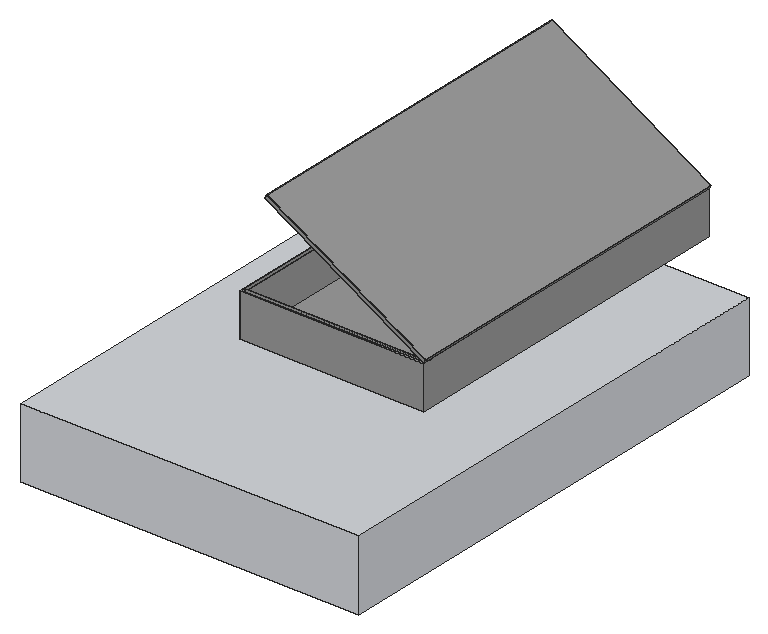
Revit family "Hager-Univers-IP44-D205-H1550-Cl.I-Encl-CH-fr", category Equipement électrique, Revit 2020
Family settings
  Hôte = Face
  Configuration du panneau = Deux colonnes, circuits au sein
  Cote de connecteur circulaire = Utiliser le diamètre
  Type d'élément = Tableau de raccordement
  Couper avec des vides une fois chargée = Non
  Partagée = Non
  Point de calcul de pièce = Non
Parameters (values of type "saillie IP44 L800 H1550 P205  - FP03TN2")
  Width Control [instance] = if([EF000008 - largeur] > Min Width, [EF000008 - largeur], Min Width)  # 800 mm
  Commentaires du type = [HG000003 - Gamme]  # "Univers"
  Thickness Door [instance] = if([EF009171 - épaisseur de matériau de la porte/du couvercle] > 3 mm, 3 mm, [EF009171 - épaisseur de matériau de la porte/du couvercle])  # 1 mm
  Seal Frame Offset [instance] = 17 mm  # constant formula
  Plinth Visibility [instance] = [HG000027 - Hauteur du socle] > 0 mm  # no
  Model = ""
  Min Width [instance] = 100 mm  # constant formula
  Min Height [instance] = 100 mm  # constant formula
  Min Depth [instance] = (2 * [EF009170 - épaisseur de matériau du boîtier]) + 1 mm  # 3 mm
  Internal Frame Depth [instance] = (Door System Depth * 0.5)  # 9 mm
  Height Control [instance] = if([EF000040 - hauteur] > Min Height, [EF000040 - hauteur], Min Height)  # 1550 mm
  HG000027 - Hauteur du socle = 0 mm
  HG000026 - Installation au sol = no
  HG000024 - Hauteur de la section basse = 800 mm
  HG000023 - Armoire double section = no
  HG000016 - Visibilité de la porte 3D [instance] = yes
  HG000015 - Visibilité de l'emprise de la porte [instance] = no
  HG000014 - Porte à droite [instance] = yes
  HG000013 - Porte à gauche [instance] = not([HG000014 - Porte à droite])  # no
  HG000012 - Angle de pivotement de la porte [instance] = 30.00°
  HG000010 - Portes asymétriques = no
  HG000009 - Porte à double battant = no
  HG000006 - Encastré = no
  HG000004 - Référence fabricant = "FP03TN2"
  HG000003 - Gamme = "Univers"
  HG000002 - avec porte = yes
  Frame Offset Bottom [instance] = 10 mm  # constant formula
  Frame Offset [instance] = 15 mm  # constant formula
  EF015940 - couvercle avec décharge de pression = no
  EF011959 - degré de protection (NEMA) = ""
  EF009554 - nombre d'ouvertures pour plaques à bride = 6
  Fabricant = "Hager"  # constant formula
  EF009212 - finition du couvercle = "EV000116 - fermé"
  EF009171 - épaisseur de matériau de la porte/du couvercle = 1 mm
  EF009170 - épaisseur de matériau du boîtier = 1 mm
  EF008873 - courant nominal (In) = 250 A
  EF007800 - adapté à un parafoudre = no
  EF006306 - avec serrure = no
  EF006244 - couvercle/porte transparent(e) = no
  EF005474 - indice de protection (IP) = "EV006418 - IP44"
  EF004464 - type de porte = "EV002646 - unique"
  EF004427 - nombre de modules = 360
  EF004293 - indice de protection contre les chocs (IK) = "EV006815 - IK09"
  EF003532 - convient pour utilisation à l’extérieur = no
  EF002950 - largeur en nombre de modules = 36
  EF001613 - maintien de fonction = "EV000494 - sans"
  EF001596 - matériau du boîtier/corps = "EV000179 - acier"
  EF001131 - profondeur intérieure = 205 mm
  EF001088 - possibilité de montage en saillie = yes
  EF000437 - nombre d'entrées de conduit = 6
  EF000339 - type de capot = "EV001012 - couvercle"
  EF000266 - nombre de rangées = 10
  EF000218 - profondeur d'encastrement = 205 mm
  EF000118 - avec cadre/support de montage = no
  EF000116 - numéro RAL = "9010"
  EF000049 - profondeur = 205 mm
  EF000040 - hauteur = 1550 mm
  EF000008 - largeur = 800 mm
  EF000007 - couleur = "EV000202 - blanc"
  EF000003 - mode de pose = "EV000384 - saillie"
  Door System Leaf Tolerance [instance] = 1.5 mm  # constant formula
  Door System Depth [instance] = 18 mm  # constant formula
  Door Height [instance] = Height Control - [HG000027 - Hauteur du socle]  # 1550 mm
  Depth Control [instance] = if([EF000049 - profondeur] > Min Depth, [EF000049 - profondeur], Min Depth)  # 205 mm
  Default Elevation = 0 mm
  Connector Offset [instance] = Height Control / 2  # 775 mm
  Bottom Top Plate Trim [instance] = 1.5 mm  # constant formula
  Plinth height Ctrl [instance] = if([HG000027 - Hauteur du socle] > 0 mm, [HG000027 - Hauteur du socle], 12 mm)  # 12 mm
Types (5, lengths in mm): name | Width Control | HG000010 - Portes asymétriques | HG000009 - Porte à double battant | HG000004 - Référence fabricant | EF009554 - nombre d'ouvertures pour plaques à bride | EF008873 - courant nominal (In) | EF004464 - type de porte | EF004427 - nombre de modules | EF002950 - largeur en nombre de modules | EF000437 - nombre d'entrées de conduit | EF000008 - largeur
  saillie IP44 L1050 H1550 P205  - FP04TN2 | 1050 | no | yes | "FP04TN2" | 8 | 400 A | "EV003602 - double" | 480 | 48 | 8 | 1050
  saillie IP44 L1300 H1550 P205  - FP05TN2 | 1300 | yes | yes | "FP05TN2" | 10 | 400 A | "EV003602 - double" | 600 | 60 | 10 | 1300
  saillie IP44 L300 H1550 P205  - FP01TN2 | 300 | no | no | "FP01TN2" | 2 | 250 A | "EV002646 - unique" | 120 | 12 | 2 | 300
  saillie IP44 L550 H1550 P205  - FP02TN2 | 550 | no | no | "FP02TN2" | 4 | 250 A | "EV002646 - unique" | 240 | 24 | 4 | 550
  saillie IP44 L800 H1550 P205  - FP03TN2 | 800 | no | no | "FP03TN2" | 6 | 250 A | "EV002646 - unique" | 360 | 36 | 6 | 800
Reference planes
  plane 1 "Center (Front/Back)": y = 0
  plane 2: z = 0
  plane 3 "Center (Left/Right)": x = 0
  plane 4: z = 205
  plane 5: y = 1
  plane 6: y = 775
  plane 7: y = 0
  plane 8: y = 1550
  plane 9: z = 0
  plane 10: x = -385
  plane 11: x = 385
  plane 12: x = 384
  plane 13: x = -384
  plane 14: y = 1549
  plane 15: x = -383
  plane 16: x = -400
  plane 17: x = 383
  plane 18: x = 400
  plane 19: x = 399
  plane 20: x = -399
  plane 21: y = 11
  plane 22: y = 1550
  plane 23: y = 1534
  plane 24: z = 187
  plane 25: z = 1
  plane 26: z = 186
  plane 27: z = 204
Forms (mm)
  Extrusion 1, solid
    sketch origin (0, 0, 0) x (1, 0, 0) y (0, 1, 0)
      loop
        line (-702.964, 1305) -> (-702.964, -811.445) -> (766.763, -811.445) -> (766.763, 1305) -> (-702.964, 1305)
    from 0 to -304.8
  Extrusion 2, solid, material "Hager_Steel_RAL7035_Light_Grey", visible <- "Plinth Visibility", detail levels medium+fine
    sketch origin (0, 0, 0) x (1, 0, 0) y (0, 1, 0)
      loop
        line (-400, 0) -> (400, 0) -> (400, 12) -> (-400, 12) -> (-400, 0)
    from 0 to 187
  Extrusion 3, solid, material "Hager_Steel_RAL7035_Light_Grey", detail levels medium+fine
    sketch origin (0, 0, 0) x (1, 0, 0) y (0, 1, 0)
      loop
        line (-400, 0) -> (400, 0) -> (400, 1550) -> (-400, 1550) -> (-400, 0)
    from 0 to 187
  Extrusion 4, void
    sketch origin (0, 0, 0) x (1, 0, 0) y (0, 1, 0)
      loop
        line (-399, 1) -> (399, 1) -> (399, 1549) -> (-399, 1549) -> (-399, 1)
    from 1 to 186
  Extrusion 5, void
    sketch origin (-381.607, -4572, 187) x (0, -1, 0) y (-1, 0, 0)
      loop
        line (-4583, 2.393) -> (-6106, 2.393) -> (-6106, -765.607) -> (-4583, -765.607) -> (-4583, 2.393)
    from 0 to 1 <- "EF009170 - épaisseur de matériau du boîtier"
  Extrusion 6, solid, material "Hager_Steel_RAL7035_Light_Grey", detail levels fine
    sketch origin (0, 0, 187) x (1, 0, 0) y (0, 1, 0)
      loop
        line (-384, 1534) -> (-384, 11) -> (384, 11) -> (384, 1534) -> (-384, 1534)
      loop
        line (-385, 10) -> (385, 10) -> (385, 1535) -> (-385, 1535) -> (-385, 10)
    from 0 to 9 <- "Internal Frame Depth"
  Extrusion 7, solid, material "Hager_Steel_RAL7035_Light_Grey", detail levels coarse
    sketch origin (0, 0, 0) x (1, 0, 0) y (0, 1, 0)
      loop
        line (-400, 0) -> (400, 0) -> (400, 1550) -> (-400, 1550) -> (-400, 0)
    from 0 to 205
  Sweep 8, void
    path in 3D
      loop
        line (-400, 12, 0) -> (400, 12, 0) -> (400, 12, 187) -> (-400, 12, 187) -> (-400, 12, 0)
    profile origin (-400, 12, 93.5) x (-1, 0, 0) y (0, -1, 0)
      loop
        line (0, 0) -> (0, 1.5) -> (-1.5, 1.5)
        arc (-1.5, 1.5) -> (-1.061, 0.439) -> (0, 0) r 1.5
Cuts and joins
  Extrusion 4, Extrusion 5 cuts Extrusion 3
  Sweep 8 cuts Extrusion 2
Lines and regions (mm)
  Masking region 1
    outline origin (0, 0, 0) x (1, 0, 0) y (0, 0, 1)
      loop
        line (-400, 205) -> (-400, 0) -> (400, 0) -> (400, 205) -> (-400, 205)
  Masking region 2, detail levels medium+fine
    outline origin (0, 140, 0) x (0, 1, 0) y (0, 0, 1)
      loop
        line (-140, 0) -> (1410, 0) -> (1410, 187) -> (-140, 187) -> (-140, 0)
  Masking region 3, not visible, detail levels medium+fine
    outline origin (0, 297.922, 0) x (0, 1, 0) y (0, 0, 1)
      loop
        line (488.578, 0) -> (528.578, 0) -> (528.578, 194)
        arc (528.578, 194) -> (525.649, 201.071) -> (518.578, 204) r 10
        line (518.578, 204) -> (488.578, 204) -> (488.578, 0)
  Masking region 4, detail levels coarse
    outline origin (0, 0, 180) x (0, 1, 0) y (0, 0, 1)
      loop
        line (0, -180) -> (1550, -180) -> (1550, 25) -> (0, 25) -> (0, -180)
  Masking region 5, visible <- "Plinth Visibility", detail levels medium+fine
    outline origin (0, 52.24, 12.345) x (0, 0, -1) y (0, 1, 0)
      loop
        line (10.845, -40.24) -> (-173.155, -40.24)
        arc (-173.155, -40.24) -> (-173.594, -41.301) -> (-174.655, -41.74) r 1.5
        line (-174.655, -41.74) -> (-174.655, -52.24) -> (12.345, -52.24) -> (12.345, -41.74)
        arc (12.345, -41.74) -> (11.285, -41.301) -> (10.845, -40.24) r 1.5
  Masking region 6, detail levels medium+fine
    outline origin (-381.607, -4572, 187) x (-1, 0, 0) y (0, -1, 0)
      loop
        line (18.393, -6122) -> (18.393, -4572) -> (-781.607, -4572) -> (-781.607, -6122) -> (18.393, -6122)
  Masking region 7, visible <- "Plinth Visibility", detail levels medium+fine
    outline origin (-381.607, -4727, 187) x (-1, 0, 0) y (0, -1, 0)
      loop
        arc (16.893, -4739) -> (17.332, -4737.939) -> (18.393, -4737.5) r 1.5
        line (18.393, -4737.5) -> (18.393, -4727) -> (-781.607, -4727) -> (-781.607, -4737.5)
        arc (-781.607, -4737.5) -> (-780.546, -4737.939) -> (-780.107, -4739) r 1.5
        line (-780.107, -4739) -> (16.893, -4739)
  Masking region 8, detail levels coarse
    outline origin (-442.548, -4669.526, 187) x (-1, 0, 0) y (0, -1, 0)
      loop
        line (-42.548, -6219.526) -> (-42.548, -4669.526) -> (-842.548, -4669.526) -> (-842.548, -6219.526) -> (-42.548, -6219.526)
  sketch lines
    curve 1: line (-400, 12, 187) -> (-400, 12, 0)
    curve 2: line (400, 12, 187) -> (-400, 12, 187)
    curve 3: line (400, 12, 187) -> (400, 12, 0)
    curve 4: line (-400, 12, 0) -> (400, 12, 0)
Dimensions and locks
  "Depth Control": plane 4 to Extrusion 1
  "HG000027 - Hauteur du socle": plane 1 "Center (Front/Back)" to plane 7
  "EF009170 - épaisseur de matériau du boîtier": plane 5 to plane 7
  locked: connector elem to plane 3 "Center (Left/Right)"
  equal spacing: plane 8, plane 6, plane 7
  locked: connector elem to plane 6
  "EF009170 - épaisseur de matériau du boîtier": plane 8 to plane 14
  "EF009170 - épaisseur de matériau du boîtier": plane 10 to plane 13
  "EF009170 - épaisseur de matériau du boîtier": plane 12 to plane 11
  "Frame Offset": plane 20 to plane 13
  "Frame Offset": plane 12 to plane 19
  "EF009170 - épaisseur de matériau du boîtier": plane 16 to plane 20
  "EF009170 - épaisseur de matériau du boîtier": plane 19 to plane 18
  "Seal Frame Offset": plane 16 to plane 15
  "Seal Frame Offset": plane 17 to plane 18
  "Frame Offset Bottom": plane 21 to plane 5
  "Frame Offset": plane 14 to plane 23
  equal spacing: plane 16, plane 3 "Center (Left/Right)", plane 18
  "Width Control": plane 16 to plane 18
  "EF009170 - épaisseur de matériau du boîtier": plane 4 to plane 27
  "EF009170 - épaisseur de matériau du boîtier": plane 24 to plane 26
  "EF009170 - épaisseur de matériau du boîtier": plane 25 to level
  "Door System Depth": plane 4 to plane 24
  "Height Control": plane 1 "Center (Front/Back)" to Extrusion 7 sketch curve
  "Height Control": Masking region 4 sketch curve to plane 1 "Center (Front/Back)"
  "Height Control": plane 1 "Center (Front/Back)" to plane 22
  "Bottom Top Plate Trim": profile plane to Sweep 8 sketch curve
  "Bottom Top Plate Trim": Sweep 8 sketch curve to profile plane
  "Plinth height Ctrl": plane 1 "Center (Front/Back)" to Extrusion 2 sketch curve
  "Plinth height Ctrl": Masking region 5 sketch curve to plane 1 "Center (Front/Back)"
  "Plinth height Ctrl": plane 1 "Center (Front/Back)" to Masking region 7 sketch curve
  "Thickness Door": Extrusion 6 sketch curve to Extrusion 6 sketch curve  (x3)
  "Thickness Door": cut or joined group of Extrusion 3, Extrusion 4, Extrusion 5 to Extrusion 6 sketch curve
  radius of Masking region 3 sketch curve = 10 mm
  "Bottom Top Plate Trim": radius of Masking region 5 sketch curve  (x2)
  "Bottom Top Plate Trim": radius of Sweep 8 sketch curve
  "Bottom Top Plate Trim": radius of Masking region 7 sketch curve  (x2)
  aligned and locked: plane 2 to Extrusion 1
  aligned and locked: level to Extrusion 1
  aligned and locked: level to Masking region 1 sketch curve
  aligned and locked: Masking region 1 sketch curve to plane 18
  aligned and locked: Masking region 1 sketch curve to plane 16
  aligned and locked: plane 7 to Masking region 2 sketch curve
  aligned and locked: level to Masking region 3 sketch curve
  aligned and locked: Masking region 3 sketch curve to plane 27
  aligned and locked: level to Masking region 2 sketch curve
  aligned and locked: plane 1 "Center (Front/Back)" to Extrusion 2 sketch curve
  aligned and locked: Extrusion 3 sketch curve to plane 7
  aligned and locked: plane 16 to Extrusion 3 sketch curve
  aligned and locked: plane 18 to Extrusion 3 sketch curve
  aligned and locked: plane 20 to Extrusion 4 sketch curve
  aligned and locked: plane 19 to Extrusion 4 sketch curve
  aligned and locked: Extrusion 4 sketch curve to plane 5
  aligned and locked: Extrusion 4 to plane 25
  aligned and locked: plane 26 to Extrusion 4
  aligned and locked: plane 24 to Extrusion 3
  aligned and locked: Extrusion 5 sketch curve to plane 21
  aligned and locked: Extrusion 5 sketch curve to plane 13
  aligned and locked: Extrusion 5 sketch curve to plane 12
  aligned and locked: plane 18 to Extrusion 7 sketch curve
  aligned and locked: plane 1 "Center (Front/Back)" to Extrusion 7 sketch curve
  aligned and locked: plane 16 to Extrusion 7 sketch curve
  aligned and locked: plane 4 to Extrusion 7
  aligned and locked: Extrusion 7 to level
  aligned and locked: level to Masking region 4 sketch curve
  aligned and locked: Masking region 4 sketch curve to plane 1 "Center (Front/Back)"
  aligned and locked: Masking region 4 sketch curve to plane 4
  aligned and locked: nested 1 to level
  aligned and locked: nested 1 to plane 16
  aligned and locked: plane 8 to Extrusion 3 sketch curve
  aligned and locked: plane 23 to Extrusion 5 sketch curve
  aligned and locked: plane 14 to Extrusion 4 sketch curve
  aligned and locked: Masking region 2 sketch curve to plane 8
  aligned and locked: level to Masking region 5 sketch curve
  aligned and locked: plane 16 to Extrusion 2 sketch curve
  aligned and locked: plane 18 to Extrusion 2 sketch curve
  aligned and locked: Masking region 5 sketch curve to plane 24
  aligned and locked: Masking region 2 sketch curve to plane 24
  aligned and locked: plane 24 to Extrusion 2
  aligned and locked: profile plane to Sweep 8 sketch curve  (x2)
  aligned and locked: Masking region 6 sketch curve to plane 18
  aligned and locked: Masking region 6 sketch curve to plane 22
  aligned and locked: Masking region 6 sketch curve to plane 16
  aligned and locked: plane 8 to plane 22
  aligned and locked: Masking region 6 sketch curve to plane 7
  aligned and locked: Masking region 7 sketch curve to plane 16
  aligned and locked: Masking region 7 sketch curve to plane 1 "Center (Front/Back)"
  aligned and locked: Masking region 7 sketch curve to plane 18
  aligned and locked: Masking region 8 sketch curve to plane 1 "Center (Front/Back)"
  aligned and locked: Masking region 8 sketch curve to plane 18
  aligned and locked: Masking region 8 sketch curve to plane 22
  aligned and locked: Masking region 8 sketch curve to plane 16
  aligned and locked: nested 2 to plane 7
  aligned and locked: plane 3 "Center (Left/Right)" to nested 2
  aligned and locked: nested 2 to plane 24
  aligned and locked: Extrusion 6 sketch curve to cut or joined group of Extrusion 3, Extrusion 4, Extrusion 5  (x4)
Automatic sketch dimensions
  Extrusion 1 sketch curve to Extrusion 1 sketch curve = 1469.727 mm
  Extrusion 1 sketch curve to Extrusion 1 sketch curve = 2116.445 mm
  Masking region 1 sketch curve to plane 4 = 0 mm
  plane 6 to Masking region 3 sketch curve = 11.5 mm
  Masking region 3 sketch curve to Masking region 3 sketch curve = 30 mm
  Masking region 5 sketch curve to plane 1 "Center (Front/Back)" = 0 mm
Nested families
  nested 1: "Hager_Enclosure_Symbol" at (-400, 0, 0) x (1, 0, 0) z (0, -1, 0), Height <- "Depth Control", Width <- "Width Control", type "Hager_Enclosure_Symbol"
    with Width_Ctrl 800 mm, Width 800 mm, Height_Ctrl 205 mm, Height 205 mm, A_Width_Int 13.453 mm, A_Width 161.438 mm, A_Height_Ctrl 179.375 mm, A_Height 179.375 mm
  nested 2: "EC000058_Univers_Door" at (0, 0, 187) x (1, 0, 0) z (0, 1, 0), Leaf_Tolerance <- "Door System Leaf Tolerance", Angle <- "HG000012 - Angle de pivotement de la porte", Door_Depth <- "Door System Depth", Door_Left <- "HG000013 - Porte à gauche", Transparent <- "EF006244 - couvercle/porte transparent(e)", Assymetrical <- "HG000010 - Portes asymétriques", Width <- "Width Control", Clearance <- "HG000015 - Visibilité de l'emprise de la porte", Double <- "HG000009 - Porte à double battant", 3d_Door <- "HG000016 - Visibilité de la porte 3D", Lock_Visibility <- "EF006306 - avec serrure", Width_Ctrl <- "Width Control", Door_Right <- "HG000014 - Porte à droite", Door <- "HG000002 - avec porte", Height <- "Door Height", Thickness <- "Thickness Door", type "EC000058_Univers_Door", detail levels medium+fine
    with min_wh 3 mm, Width_Ctrl 800 mm, Width 800 mm, Transparent no, Thickness 1 mm, Seal_Material Hager_Rubber, Lock_Visibility no, Lock_Material Hager_Plastic_RAL9005_Jet_Black, Leaf_Width 800 mm, Leaf_Tolerance_External_Sides 0 mm, Leaf_Tolerance 1.5 mm, Leaf_Offset 0 mm, Leaf_Height 1547 mm, Leaf_2_Width 800 mm, Leaf_2_Offset 400 mm, Leaf_1_Width 800 mm, Leaf_1_Offset 400 mm, Height_Ctrl 1550 mm, Height 1550 mm, Glass_Material Hager_Glass, Double_Clearance_Ctrl no, Double no, Door_Right_Ctrl yes, Door_Right yes, Door_Material Hager_Steel_RAL7035_Light_Grey, Door_Left_Ctrl no, Door_Left no, Door_Depth 18 mm, Door yes, Clearance_Material Hager_Clearance, Clearance_Depth 800 mm, Clearance_Ctrl no, Clearance no, Assymetrical no, Angle 30.00°, 3d_Door yes
Connectors
  electrical at (0, 775, 0)
    settings: on plane 9, index 1, voltage 0 V, apparent load 0 VA, apparent load phase1 0 VA, apparent load phase2 0 VA, apparent load phase3 0 VA, power factor 1, load classification "Other", number of poles 1, system type 30, power factor state 1, is connector primary yes, connector utility no, sub classification motor no, connector description ""
Definition of nested family "EC000058_Univers_Door"
  Parameters (values of type "EC000058_Univers_Door")
    min_wh [instance] = (2 * Thickness) + 1 mm  # 11 mm
    Width_Ctrl [instance] = 400 mm
    Width [instance] = 500 mm
    Transparent [instance] = yes
    Thickness [instance] = 5 mm
    Seal_Material [instance] = none
    Lock_Visibility [instance] = yes
    Lock_Material [instance] = none
    Leaf_Width [instance] = if((Width_Ctrl - 2 * Leaf_Tolerance_External_Sides) > 0 mm, (Width_Ctrl - 2 * Leaf_Tolerance_External_Sides), min_wh)  # 400 mm
    Leaf_Tolerance_External_Sides [instance] = 0 mm  # constant formula
    Leaf_Tolerance [instance] = 1.5 mm
    Leaf_Offset [instance] = 0 mm  # constant formula
    Leaf_Height [instance] = if((Height_Ctrl - 2 * Leaf_Tolerance) > 0 mm, (Height_Ctrl - 2 * Leaf_Tolerance), min_wh)  # 497 mm
    Leaf_2_Width [instance] = if(and(and(Double, Assymetrical), Door_Left), (Leaf_Width / 3) - (Leaf_Tolerance / 2), if(and(and(Double, Assymetrical), Door_Right), (Leaf_Width / 3) * 2 - (Leaf_Tolerance / 2), if(and(Double, not(Assymetrical)), (Leaf_Width / 2) - Leaf_Tolerance, Leaf_Width)))  # 400 mm
    Leaf_2_Offset [instance] = if(and(Double, Assymetrical), Leaf_2_Width / 2, if(and(Double, not(Assymetrical)), Leaf_Width / 4, Leaf_Width / 2))  # 200 mm
    Leaf_1_Width [instance] = if(and(and(Double, Assymetrical), Door_Right), (Leaf_Width / 3) - (Leaf_Tolerance / 2), if(and(and(Double, Assymetrical), Door_Left), (Width / 3) * 2 - (Leaf_Tolerance / 2), if(and(Double, not(Assymetrical)), (Leaf_Width / 2) - Leaf_Tolerance, Leaf_Width)))  # 400 mm
    Leaf_1_Offset [instance] = if(and(Double, Assymetrical), Leaf_1_Width / 2, if(and(Double, not(Assymetrical)), Leaf_Width / 4, Leaf_Width / 2))  # 200 mm
    Height_Ctrl [instance] = if(Height > min_wh, Height, min_wh)  # 500 mm
    Height [instance] = 500 mm
    Glass_Material [instance] = none
    Double_Clearance_Ctrl [instance] = and(Double, Clearance)  # no
    Double [instance] = no
    Door_Right_Ctrl [instance] = and(or(Door_Right, Double), Door)  # yes
    Door_Right [instance] = yes
    Door_Material [instance] = none
    Door_Left_Ctrl [instance] = and(or(Door_Left, Double), Door)  # no
    Door_Left [instance] = no
    Door_Depth [instance] = 30 mm
    Door [instance] = yes
    Default Elevation = 1219.2 mm
    Clearance_Material [instance] = none
    Clearance_Depth [instance] = if(Leaf_1_Width > Leaf_2_Width, Leaf_1_Width, Leaf_2_Width)  # 400 mm
    Clearance_Ctrl [instance] = and(not(Double), Clearance)  # yes
    Clearance [instance] = yes
    Assymetrical [instance] = yes
    Angle [instance] = 30.00°
    3d_Door [instance] = yes
  Reference planes
    plane 1 "Center (Front/Back)": y = 0
    plane 2 "Bottom": z = 0
    plane 3 "Center (Left/Right)": x = 0
    plane 4: z = 500
    plane 5: x = -200
    plane 6: x = 200
    plane 7: z = 500
    plane 8: x = -200
    plane 9: z = 0
    plane 10: x = 200
    plane 11: y = 0
    plane 12: z = 1.5
    plane 13: x = -600
    plane 14: y = -400
    plane 15: x = 600
    plane 16: x = 0
    plane 17: x = 0
    plane 18: x = -200
    plane 19: x = 200
    plane 20: z = 498.5
  Forms (mm)
    Extrusion 1, solid, material <- "Clearance_Material", visible <- "Double_Clearance_Ctrl"
      sketch origin (1200, 0, 0) x (1, 0, 0) y (0, 0, -1)
        loop
          line (-1800, -498.5) -> (-600, -498.5) -> (-600, 0) -> (-1800, 0) -> (-1800, -498.5)
      from 0 to -400
  Dimensions and locks
    equal spacing: plane 5, plane 3 "Center (Left/Right)", plane 6
    "Width_Ctrl": plane 5 to plane 6
    "Leaf_Offset": plane 5 to plane 8
    "Leaf_Offset": plane 6 to plane 10
    "Leaf_Offset": plane 9 to level
    "Leaf_Offset": plane 4 to plane 7
    "Height_Ctrl": plane 4 to level
    "Leaf_Tolerance": plane 12 to plane 9
    locked: plane 11 to plane 1 "Center (Front/Back)"
    "Leaf_1_Offset": plane 18 to plane 16
    "Leaf_2_Offset": plane 17 to plane 19
    "Leaf_1_Width": plane 13 to plane 8
    "Leaf_2_Width": plane 10 to plane 15
    "Clearance_Depth": plane 14 to plane 1 "Center (Front/Back)"
    "Leaf_Tolerance_External_Sides": plane 8 to plane 18
    "Leaf_Tolerance_External_Sides": plane 19 to plane 10
    "Leaf_Tolerance": plane 7 to plane 20
    aligned and locked: level to plane 2 "Bottom"
    aligned and locked: nested 1 to plane 16
    aligned and locked: nested 2 to plane 17
    aligned and locked: Extrusion 1 to plane 13
    aligned and locked: plane 15 to Extrusion 1
    aligned and locked: Extrusion 1 to plane 14
    aligned and locked: plane 12 to nested 1
    aligned and locked: nested 2 to plane 12
    aligned and locked: Extrusion 1 to plane 11
    aligned and locked: plane 20 to Extrusion 1
    aligned and locked: nested 2 to plane 11
    aligned and locked: nested 1 to plane 11
  Automatic sketch dimensions
    Extrusion 1 sketch curve to level = 0 mm
    plane 5 to Extrusion 1 sketch curve = 400 mm
    plane 6 to Extrusion 1 sketch curve = 400 mm
    Extrusion 1 sketch curve to plane 4 = 1.5 mm
  Nested families
    nested 1: "EC000058_Univers_Door_Leaf" at (0, 0, 1.5), Width <- "Leaf_1_Width", visible <- "Door_Left_Ctrl", Leaf_Height <- "Leaf_Height", Angle <- "Angle", 3d_Door <- "3d_Door", Transparent <- "Transparent", Clearance Material <- "Clearance_Material", Clearance <- "Clearance_Ctrl", Door_Material <- "Door_Material", Glass_Material <- "Glass_Material", Door_Depth <- "Door_Depth", Lock_Material <- "Lock_Material", Seal_Material <- "Seal_Material", Lock_Visibility <- "Lock_Visibility", Thickness <- "Thickness", type "EC000058_Univers_Door_Leaf"
      with Width 400 mm, Transparent_Glass_Offset 30 mm, Transparent_Ctrl yes, Transparent yes, Thickness 5 mm, Standard no, Seal_Material none, Seal_D2 8 mm, Seal_D1 1 mm, Offset_Internal_Frame 10 mm, Lock_Width 20 mm, Lock_Visibility_3d yes, Lock_Visibility yes, Lock_Thickness_3 3 mm, Lock_Thickness_2 1 mm, Lock_Thickness_1 3 mm, Lock_Radius_Offset_2 16 mm, Lock_Radius_Offset_1 15 mm, Lock_Radius_2 5 mm, Lock_Radius 6 mm, Lock_Offset 5 mm, Lock_Material none, Lock_Height 80 mm, Lock_Cover_Top_Offset_2d 17 mm, Lock_Cover_Height -65 mm, Leaf_Height 497 mm, Internal_Seal_Thickness 8 mm, Internal_Seal_Depth_2 4.5 mm, Internal_Frame_Depth 25 mm, Glass_Thickness -1 mm, Glass_Offset -2 mm, Glass_Material none, Door_Material none, Door_Depth 30 mm, Clearance Material none, Clearance yes, Angle_Ctrl 30.00°, Angle 30.00°, 3d_Door yes
    nested 2: "EC000058_Univers_Door_Leaf" at (0, 0, 1.5) x (-1, 0, 0) z (0, 0, 1), Width <- "Leaf_2_Width", visible <- "Door_Right_Ctrl", Leaf_Height <- "Leaf_Height", Angle <- "Angle", 3d_Door <- "3d_Door", Transparent <- "Transparent", Clearance Material <- "Clearance_Material", Clearance <- "Clearance_Ctrl", Door_Material <- "Door_Material", Glass_Material <- "Glass_Material", Door_Depth <- "Door_Depth", Lock_Material <- "Lock_Material", Seal_Material <- "Seal_Material", Lock_Visibility <- "Lock_Visibility", Thickness <- "Thickness", type "EC000058_Univers_Door_Leaf"
      with Width 400 mm, Transparent_Glass_Offset 30 mm, Transparent_Ctrl yes, Transparent yes, Thickness 5 mm, Standard no, Seal_Material none, Seal_D2 8 mm, Seal_D1 1 mm, Offset_Internal_Frame 10 mm, Lock_Width 20 mm, Lock_Visibility_3d yes, Lock_Visibility yes, Lock_Thickness_3 3 mm, Lock_Thickness_2 1 mm, Lock_Thickness_1 3 mm, Lock_Radius_Offset_2 16 mm, Lock_Radius_Offset_1 15 mm, Lock_Radius_2 5 mm, Lock_Radius 6 mm, Lock_Offset 5 mm, Lock_Material none, Lock_Height 80 mm, Lock_Cover_Top_Offset_2d 17 mm, Lock_Cover_Height -65 mm, Leaf_Height 497 mm, Internal_Seal_Thickness 8 mm, Internal_Seal_Depth_2 4.5 mm, Internal_Frame_Depth 25 mm, Glass_Thickness -1 mm, Glass_Offset -2 mm, Glass_Material none, Door_Material none, Door_Depth 30 mm, Clearance Material none, Clearance yes, Angle_Ctrl 30.00°, Angle 30.00°, 3d_Door yes
  Definition of nested family "EC000058_Univers_Door_Leaf"
    Parameters (values of type "EC000058_Univers_Door_Leaf")
      Width [instance] = 2000 mm
      Transparent_Glass_Offset [instance] = 30 mm
      Transparent_Ctrl [instance] = and(Transparent, [3d_Door])  # yes
      Transparent [instance] = yes
      Thickness [instance] = 5 mm
      Standard [instance] = and(not(Transparent), [3d_Door])  # no
      Seal_Material [instance] = none
      Seal_D2 [instance] = 8 mm  # constant formula
      Seal_D1 [instance] = 1 mm  # constant formula
      Offset_Internal_Frame [instance] = 10 mm  # constant formula
      Lock_Width [instance] = 20 mm  # constant formula
      Lock_Visibility_3d [instance] = and(Lock_Visibility, [3d_Door])  # yes
      Lock_Visibility [instance] = yes
      Lock_Thickness_3 [instance] = 3 mm  # constant formula
      Lock_Thickness_2 [instance] = 1 mm  # constant formula
      Lock_Thickness_1 [instance] = 3 mm  # constant formula
      Lock_Radius_Offset_2 [instance] = Lock_Radius_Offset_1 + 1 mm  # 16 mm
      Lock_Radius_Offset_1 [instance] = 15 mm  # constant formula
      Lock_Radius_2 [instance] = Lock_Radius - 1 mm  # 5 mm
      Lock_Radius [instance] = 6 mm  # constant formula
      Lock_Offset [instance] = 5 mm  # constant formula
      Lock_Material [instance] = none
      Lock_Height [instance] = 80 mm  # constant formula
      Lock_Cover_Top_Offset_2d [instance] = Lock_Radius_Offset_2 + 1 mm  # 17 mm
      Lock_Cover_Height [instance] = -(Lock_Height - Lock_Radius_Offset_1)  # -65 mm
      Leaf_Height [instance] = 2720.336 mm
      Internal_Seal_Thickness [instance] = 8 mm  # constant formula
      Internal_Seal_Depth_2 [instance] = 4.5 mm  # constant formula
      Internal_Frame_Depth [instance] = if(Door_Depth - Thickness > 5 mm, Door_Depth - Thickness, 5 mm)  # 25 mm
      Glass_Thickness [instance] = if(Thickness > 15 mm, Glass_Offset + 10 mm, -1 mm)  # -1 mm
      Glass_Offset [instance] = if(Thickness > 15 mm, -(Thickness + 10 mm) / 2, -2 mm)  # -2 mm
      Glass_Material [instance] = none
      Door_Material [instance] = none
      Door_Depth [instance] = 30 mm
      Default Elevation = 0 mm
      Clearance Material [instance] = none
      Clearance [instance] = yes
      Angle_Ctrl [instance] = if(Angle > 180.00°, 180.00°, Angle)  # 90.00°
      Angle [instance] = 90.00°
      3d_Door [instance] = yes
    Reference planes
      plane 1 "Center (Front/Back)": y = 0
      plane 2: z = 0
      plane 3 "Center (Left/Right)": x = 0
      plane 4: y = 2000
      plane 5: x = -1000
      plane 6: x = 1000
      plane 7: x = -3000
      plane 8: z = 2720.336
      plane 9: z = 30
      plane 10: z = 2690.336
      plane 11: x = 970
      plane 12: x = -970
      plane 13: y = -3
      plane 14: z = 107.833
      plane 15: y = -5
      plane 16: y = -223.314
      plane 17: x = -1000
      plane 18: z = 1360.168
      plane 19: y = 30
    Forms (mm)
      Extrusion 1, solid, material <- "Clearance Material", visible <- "Clearance"
        sketch origin (0, 0, 0) x (1, 0, 0) y (0, 0, 1)
          loop
            line (-3000, 2720.336) -> (-3000, 0) -> (1000, 0) -> (1000, 2720.336) -> (-3000, 2720.336)
        from 0 to -2000
      Extrusion 2, solid, material <- "Door_Material", visible <- "Standard", detail levels medium+fine
        sketch origin (-1000, 0, 0) x (0, 1, 0) y (-1, 0, 0)
          loop
            line (0, 30) -> (0, 25) -> (2000, 25) -> (2000, 30) -> (0, 30)
        from 0 to 2720.336 <- "Leaf_Height"
      Extrusion 3, solid, material <- "Door_Material", visible <- "Transparent_Ctrl", detail levels medium+fine
        sketch origin (-1000, 0, 0) x (0, 1, 0) y (-1, 0, 0)
          loop
            line (0, 25) -> (2000, 25) -> (2000, 30) -> (0, 30) -> (0, 25)
        from 0 to 2720.336 <- "Leaf_Height"
      Extrusion 4, void
        sketch origin (-1025, 2000, 0) x (0, 1, 0) y (0, 0, -1)
          loop
            line (-30, -2690.336) -> (-30, -30) -> (-1970, -30) -> (-1970, -2690.336) -> (-30, -2690.336)
        from 0 to 5 <- "Thickness"
      Sweep 5, solid, material <- "Seal_Material", visible <- "Transparent_Ctrl", detail levels fine
        path in 3D
          loop
            line (-1025, 30, 30) -> (-1025, 30, 2690.336) -> (-1025, 1970, 2690.336) -> (-1025, 1970, 30) -> (-1025, 30, 30)
        profile origin (-1025, 1000, 30) x (1, 0, 0) y (0, 0, 1)
          loop
            line (0, 0) -> (0, -8) -> (1, -8) -> (1, 0) -> (0, 0)
      Extrusion 6, solid, material <- "Glass_Material", visible <- "Transparent_Ctrl", detail levels medium+fine
        sketch origin (-1030, 0, 0) x (0, 1, 0) y (0, 0, -1)
          loop
            line (1970, -2690.336) -> (1970, -30) -> (30, -30) -> (30, -2690.336) -> (1970, -2690.336)
        from -2 <- "Glass_Offset" to -1 <- "Glass_Thickness"
      Extrusion 7, solid, material <- "Door_Material", visible <- "3d_Door", detail levels medium+fine
        sketch origin (-1025, 2000, 0) x (0, -1, 0) y (0, 0, -1)
          loop
            line (0, -2720.336) -> (2000, -2720.336) -> (2000, 0) -> (0, 0) -> (0, -2720.336)
          loop
            line (1995, -5) -> (5, -5) -> (5, -2715.336) -> (1995, -2715.336) -> (1995, -5)
        from 0 to 25 <- "Internal_Frame_Depth"
      Sweep 8, solid, material <- "Seal_Material", visible <- "Transparent_Ctrl", detail levels fine
        path in 3D
          loop
            line (-1025, 0, 0) -> (-1025, 2000, 0) -> (-1025, 2000, 2720.336) -> (-1025, 0, 2720.336) -> (-1025, 0, 0)
        profile origin (-1025, 0, 1360.168) x (1, 0, 0) y (0, 1, 0)
          loop
            line (0, 10) -> (2.975, 10)
            arc (2.975, 10) -> (4.053, 10.447) -> (4.5, 11.525) r 1.525
            line (4.5, 11.525) -> (4.5, 16.527)
            arc (4.5, 16.527) -> (4.069, 17.569) -> (3.027, 18) r 1.473
            line (3.027, 18) -> (0, 18) -> (0, 10)
      Extrusion 9, solid, material <- "Lock_Material", visible <- "Lock_Visibility_3d", detail levels fine
        sketch origin (-1030, 0, 0) x (0, 1, 0) y (0, 0, -1)
          loop
            arc (1993.5, -1400.168) -> (1994.561, -1399.729) -> (1995, -1398.668) r 1.5
            line (1995, -1398.668) -> (1995, -1320.168) -> (1975, -1320.168) -> (1975, -1398.668)
            arc (1975, -1398.668) -> (1975.439, -1399.729) -> (1976.5, -1400.168) r 1.5
            line (1976.5, -1400.168) -> (1993.5, -1400.168)
        from 3 <- "Lock_Thickness_1" to 0
      Blend 10, solid, material <- "Lock_Material", visible <- "Lock_Visibility_3d", detail levels fine
        base sketch origin (-1033, 0, 0) x (0, 1, 0) y (0, 0, -1)
          loop
            line (1975, -1320.168) -> (1975, -1398.668)
            arc (1975, -1398.668) -> (1975.439, -1399.729) -> (1976.5, -1400.168) r 1.5
            line (1976.5, -1400.168) -> (1993.5, -1400.168)
            arc (1993.5, -1400.168) -> (1994.561, -1399.729) -> (1995, -1398.668) r 1.5
            line (1995, -1398.668) -> (1995, -1320.168) -> (1975, -1320.168)
        top sketch origin (-1033, 0, 0) x (0, 1, 0) y (0, 0, -1)
          loop
            line (1976, -1320.168) -> (1976, -1398.668)
            arc (1976, -1398.668) -> (1976.146, -1399.022) -> (1976.5, -1399.168) r 0.5
            line (1976.5, -1399.168) -> (1993.5, -1399.168)
            arc (1993.5, -1399.168) -> (1993.854, -1399.022) -> (1994, -1398.668) r 0.5
            line (1994, -1398.668) -> (1994, -1320.168) -> (1976, -1320.168)
        from 0 to 1 <- "Lock_Thickness_2"
      Blend 11, solid, material <- "Lock_Material", visible <- "Lock_Visibility_3d", detail levels fine
        base sketch origin (-1034, 0, 0) x (0, 1, 0) y (0, 0, -1)
          loop
            line (1978, -1320.168) -> (1978, -1384.168)
            arc (1978, -1384.168) -> (1985, -1391.168) -> (1992, -1384.168) r 7
            line (1992, -1384.168) -> (1992, -1320.168) -> (1978, -1320.168)
        top sketch origin (-1034, 0, 0) x (0, 1, 0) y (0, 0, -1)
          loop
            line (1991, -1320.168) -> (1979, -1320.168) -> (1979, -1383.168)
            arc (1979, -1383.168) -> (1985, -1389.168) -> (1991, -1383.168) r 6
            line (1991, -1383.168) -> (1991, -1320.168)
        from 0 to 3 <- "Lock_Thickness_3"
      Extrusion 12, solid, material <- "Lock_Material", visible <- "Lock_Visibility_3d", detail levels fine
        sketch origin (-1030, 1975, 1320.168) x (1, 0, 0) y (0, -1, 0)
          loop
            line (-7, -19) -> (-7, -1) -> (0, -1) -> (0, 0) -> (-8, 0) -> (-8, -20) -> (0, -20) -> (0, -19) -> (-7, -19)
        from 0 to -65 <- "Lock_Cover_Height"
      Extrusion 13, void
        sketch origin (-1038, 1995, 1320.168) x (-1, 0, 0) y (0, 0, -1)
          loop
            line (-5, -65) -> (0, -65) -> (-5, -60) -> (-5, -65)
        from 0 to 20 <- "Lock_Width"
      Extrusion 14, void
        sketch origin (-1038, 1975, 1320.168) x (0, -1, 0) y (0, 0, -1)
          loop
            circle (-10, -15.995) r 6
          loop
            circle (-10, -15.995) r 5
        from 0 to 2
      Extrusion 15, solid, material <- "Lock_Material", visible <- "Lock_Visibility_3d", detail levels medium
        sketch origin (-1030, 0, 0) x (0, 1, 0) y (0, 0, -1)
          loop
            arc (1993.5, -1400.168) -> (1994.561, -1399.729) -> (1995, -1398.668) r 1.5
            line (1995, -1398.668) -> (1995, -1320.168) -> (1975, -1320.168) -> (1975, -1398.668)
            arc (1975, -1398.668) -> (1975.439, -1399.729) -> (1976.5, -1400.168) r 1.5
            line (1976.5, -1400.168) -> (1993.5, -1400.168)
        from 8 to 0
    Cuts and joins
      Extrusion 4 cuts Extrusion 3
      Extrusion 13, Extrusion 14 cuts Extrusion 9
      Extrusion 14 cuts Blend 11
      Extrusion 13, Extrusion 14 cuts Extrusion 12
      joined: Extrusion 9, Blend 10, Blend 11, Extrusion 12
      Extrusion 14 cuts Extrusion 15
    Lines and regions (mm)
      Masking region 1, visible <- "Lock_Visibility", detail levels fine
        outline origin (0, 0, 0) x (0, 1, 0) y (0, 0, 1)
          loop
            line (30, 1320.168) -> (33, 1320.168) -> (33, 1400.168) -> (30, 1400.168) -> (30, 1320.168)
      Masking region 2, visible <- "Lock_Visibility", detail levels fine
        outline origin (0, 3.143, 0) x (0, 1, 0) y (0, 0, 1)
          loop
            line (29.857, 1354.168) -> (30.857, 1354.168) -> (30.857, 1366.168) -> (29.857, 1366.168) -> (29.857, 1354.168)
      Masking region 3, detail levels medium+fine
        outline origin (0, 0, 0) x (0, 1, 0) y (0, 0, 1)
          loop
            line (0, 0) -> (30, 0) -> (30, 2720.336) -> (0, 2720.336) -> (0, 0)
      Masking region 4, detail levels medium+fine
        outline origin (0, 0, 0) x (1, 0, 0) y (0, 0, 1)
          loop
            line (-1000, 2720.336) -> (-1000, 0) -> (1000, 0) -> (1000, 2720.336) -> (-1000, 2720.336)
      Masking region 5, visible <- "Lock_Visibility", detail levels fine
        outline origin (-47.116, 0, 0) x (1, 0, 0) y (0, 0, 1)
          loop
            arc (1024.616, 1399.168) -> (1023.556, 1398.729) -> (1023.116, 1397.668) r 1.5
            line (1023.116, 1397.668) -> (1023.116, 1320.168) -> (1041.116, 1320.168) -> (1041.116, 1397.668)
            arc (1041.116, 1397.668) -> (1040.677, 1398.729) -> (1039.616, 1399.168) r 1.5
            line (1039.616, 1399.168) -> (1024.616, 1399.168)
      Masking region 6, visible <- "Lock_Visibility", detail levels medium+fine
        outline origin (-25, 0, 0) x (1, 0, 0) y (0, 0, 1)
          loop
            arc (1001.5, 1400.168) -> (1000.439, 1399.729) -> (1000, 1398.668) r 1.5
            line (1000, 1398.668) -> (1000, 1320.168) -> (1020, 1320.168) -> (1020, 1398.668)
            arc (1020, 1398.668) -> (1019.561, 1399.729) -> (1018.5, 1400.168) r 1.5
            line (1018.5, 1400.168) -> (1001.5, 1400.168)
      Masking region 7, visible <- "Lock_Visibility", detail levels fine
        outline origin (-73.735, 0, 0) x (1, 0, 0) y (0, 0, 1)
          loop
            line (1051.735, 1382.168) -> (1065.735, 1382.168) -> (1065.735, 1384.168)
            arc (1065.735, 1384.168) -> (1058.735, 1391.168) -> (1051.735, 1384.168) r 7
            line (1051.735, 1384.168) -> (1051.735, 1382.168)
      Masking region 8, visible <- "Lock_Visibility", detail levels fine
        outline origin (-73.735, 0, 0) x (1, 0, 0) y (0, 0, 1)
          loop
            line (1052.735, 1382.168) -> (1064.735, 1382.168) -> (1064.735, 1383.168)
            arc (1064.735, 1383.168) -> (1058.735, 1389.168) -> (1052.735, 1383.168) r 6
            line (1052.735, 1383.168) -> (1052.735, 1382.168)
      Masking region 9, visible <- "Lock_Visibility", detail levels fine
        outline origin (-25, 0, 0) x (1, 0, 0) y (0, 0, 1)
          loop
            line (1020, 1320.168) -> (1020, 1382.168) -> (1000, 1382.168) -> (1000, 1320.168) -> (1020, 1320.168)
      Masking region 10, detail levels medium+fine
        outline origin (0, 0, 0) x (1, 0, 0) y (0, 0, 1)
          loop
            circle (985, 1335.144) r 6
      Masking region 11, detail levels fine
        outline origin (0, 0, 0) x (1, 0, 0) y (0, 0, 1)
          loop
            circle (985, 1335.144) r 5
      Masking region 12, visible <- "Lock_Visibility", detail levels fine
        outline origin (0, 12.767, 0) x (0, 1, 0) y (0, 0, 1)
          loop
            line (20.233, 1320.168) -> (21.233, 1320.168) -> (21.233, 1399.168) -> (20.233, 1400.168) -> (20.233, 1320.168)
      Masking region 13, visible <- "Lock_Visibility", detail levels fine
        outline origin (0, 13.767, -10) x (0, 1, 0) y (0, 0, 1)
          loop
            line (20.233, 1330.168) -> (23.233, 1330.168) -> (23.233, 1399.168) -> (20.233, 1402.168) -> (20.233, 1330.168)
      Masking region 14, visible <- "Lock_Visibility", detail levels fine
        outline origin (0, 12.767, -10) x (0, 1, 0) y (0, 0, 1)
          loop
            line (20.233, 1330.168) -> (25.233, 1330.168) -> (25.233, 1399.305) -> (20.233, 1394.305) -> (20.233, 1330.168)
      Masking region 15, visible <- "Lock_Visibility", detail levels medium
        outline origin (0, 0, 0) x (0, 1, 0) y (0, 0, 1)
          loop
            line (30, 1320.168) -> (38, 1320.168) -> (38, 1400.168) -> (30, 1400.168) -> (30, 1320.168)
      Masking region 16, visible <- "Lock_Visibility", detail levels fine
        outline origin (-1000, 0, 0) x (0, 1, 0) y (-1, 0, 0)
          loop
            line (1975, 30) -> (1995, 30) -> (1995, 38) -> (1975, 38) -> (1975, 30)
          loop
            line (1979, 37) -> (1976, 37) -> (1976, 34) -> (1978, 34) -> (1979, 37)
          loop
            line (1994, 37) -> (1991, 37) -> (1992, 34) -> (1994, 34) -> (1994, 37)
      Masking region 17, visible <- "Lock_Visibility", detail levels medium
        outline origin (-1000, 0, 0) x (0, 1, 0) y (-1, 0, 0)
          loop
            line (1975, 30) -> (1995, 30) -> (1995, 38) -> (1975, 38) -> (1975, 30)
      symbolic lines
        curve 1: line (1000, 0, 0) -> (-3000, 0, 0)
        curve 2: arc (1000, 0, 0) -> (-1000, 2000, 0) -> (-3000, 0, 0) r 2000
        curve 4: line (-1030, 0, 0) -> (-1030, 2000, 0)
      reference lines
        curve 3: line (-1000, 0, 0) -> (-1000, 2000, 0)
      symbolic lines, detail levels medium+fine
        curve 5: line (-1030, 2000, 0) -> (-1025, 2000, 0)
        curve 7: line (-1025, 0, 0) -> (-1030, 0, 0)
        curve 8: line (-1025, 0, 0) -> (-1000, 0, 0)
        curve 9: line (-1000, 0, 0) -> (-1000, 2000, 0)
        curve 10: line (-1000, 2000, 0) -> (-1025, 2000, 0)
      symbolic lines, detail levels fine
        curve 6: line (-1025, 2000, 0) -> (-1025, 0, 0)
      sketch lines
        curve 11: line (-1025, 0, 2720.336) -> (-1025, 0, 0)
        curve 12: line (-1025, 2000, 0) -> (-1025, 0, 0)
        curve 13: line (-1025, 2000, 2720.336) -> (-1025, 2000, 0)
        curve 14: line (-1025, 0, 2720.336) -> (-1025, 2000, 2720.336)
        curve 15: line (-1025, 1970, 30) -> (-1025, 30, 30)
        curve 16: line (-1025, 30, 30) -> (-1025, 30, 2690.336)
        curve 17: line (-1025, 1970, 2690.336) -> (-1025, 1970, 30)
        curve 18: line (-1025, 30, 2690.336) -> (-1025, 1970, 2690.336)
      symbolic lines, visible <- "Transparent", detail levels medium+fine
        curve 19: line (-970, 0, 2690.336) -> (970, 0, 2690.336)
        curve 20: line (-970, 0, 30) -> (-970, 0, 2690.336)
        curve 21: line (970, 0, 30) -> (-970, 0, 30)
        curve 22: line (970, 0, 2690.336) -> (970, 0, 30)
    Dimensions and locks
      "Width": plane 1 "Center (Front/Back)" to plane 4
      equal spacing: plane 5, plane 3 "Center (Left/Right)", plane 6
      "Width": plane 5 to plane 6
      "Width": plane 7 to plane 5
      "Leaf_Height": plane 8 to level
      "Width": curve 5 to curve 3
      "Width": curve 3 to curve 3
      plane 8 to plane 10 = 30 mm
      plane 9 to level = 30 mm
      plane 12 to plane 5 = 30 mm
      plane 6 to plane 11 = 30 mm
      Extrusion 1 to Extrusion 4 sketch curve = 30 mm
      "Transparent_Glass_Offset": curve 3 to Extrusion 4 sketch curve
      "Transparent_Glass_Offset": Extrusion 4 sketch curve to cut or joined group of Extrusion 3, Extrusion 4  (x2)
      cut or joined group of Extrusion 3, Extrusion 4 to Extrusion 6 sketch curve = 30 mm
      "Transparent_Glass_Offset": cut or joined group of Extrusion 3, Extrusion 4 to Extrusion 4 sketch curve
      "Thickness": curve 6 to curve 4
      "Thickness": Extrusion 7 sketch curve to Extrusion 7 sketch curve  (x4)
      "Door_Depth": curve 4 to curve 3
      "Offset_Internal_Frame": profile plane to Sweep 8 sketch curve
      "Internal_Seal_Thickness": Sweep 8 sketch curve to Sweep 8 sketch curve
      "Internal_Seal_Depth_2": profile plane to Sweep 8 sketch curve
      "Seal_D1": profile plane to Sweep 5 sketch curve
      "Seal_D2": profile plane to Sweep 5 sketch curve
      "Thickness": Extrusion 2 sketch curve to Extrusion 2 sketch curve
      equal spacing: Extrusion 9 sketch curve, plane 18, Extrusion 9 sketch curve  (x2)
      equal spacing: Masking region 1 sketch curve, plane 18, Masking region 1 sketch curve
      "Lock_Height": Masking region 1 sketch curve to Masking region 1 sketch curve
      "Lock_Radius": Masking region 2 sketch curve to plane 18 to Masking region 2 sketch curve
      Masking region 2 sketch curve to Masking region 1 = 1 mm
      "Door_Depth": plane 19 to plane 1 "Center (Front/Back)"
      "Lock_Thickness_1": Masking region 1 sketch curve to plane 19
      "Lock_Width": Extrusion 9 sketch curve to Extrusion 9 sketch curve
      "Lock_Height": Extrusion 9 sketch curve to Extrusion 9 sketch curve
      "Lock_Offset": cut or joined group of Extrusion 3, Extrusion 4 to Extrusion 9 sketch curve
      equal spacing: plane 8, plane 18, level
      "Lock_Radius_Offset_1": Blend 11 sketch curve to Blend 10
      locked: Blend 10 to Blend 11 sketch curve at 2  (x2)
      locked: var sketch to Blend 11 sketch curve at 1  (x2)
      "Lock_Radius_Offset_2": Blend 11 sketch curve to Blend 10
      locked: Extrusion 12 sketch curve to Extrusion 12 sketch curve at 1  (x3)
      Masking region 6 sketch curve to Masking region 6 sketch curve = 80 mm
      "Lock_Height": Masking region 6 sketch curve to Masking region 6 sketch curve
      "Lock_Width": Masking region 6 sketch curve to Masking region 6 sketch curve
      locked: Masking region 6 to Masking region 5 sketch curve at 1  (x3)
      locked: Masking region 5 to Masking region 7 sketch curve at 2  (x2)
      "Lock_Radius_Offset_1": Masking region 5 to Masking region 7 sketch curve
      "Lock_Radius_Offset_2": Masking region 5 to Masking region 8 sketch curve
      locked: Masking region 7 to Masking region 8 sketch curve at 1  (x2)
      "Lock_Cover_Top_Offset_2d": Masking region 5 to Masking region 9 sketch curve
      equal spacing: Masking region 9, Masking region 10 sketch curve, Masking region 9
      equal spacing: Masking region 9, Masking region 11 sketch curve, Masking region 9
      Extrusion 15 sketch curve to Extrusion 15 sketch curve = 80 mm
      "Lock_Width": Extrusion 15 sketch curve to Extrusion 15 sketch curve
      "Lock_Height": Extrusion 15 sketch curve to Extrusion 15 sketch curve
      equal spacing: Extrusion 15 sketch curve, plane 18, Extrusion 15 sketch curve
      "Lock_Thickness_3": Masking region 13 sketch curve to Masking region 13 sketch curve
      "Lock_Height": Masking region 12 sketch curve to Masking region 12 sketch curve
      locked: Masking region 13 sketch curve to Masking region 1 at 8
      locked: Masking region 14 sketch curve to Masking region 13 at 1
      locked: Masking region 14 sketch curve to Masking region 1 at 10.863
      "Lock_Height": Masking region 15 sketch curve to Masking region 15 sketch curve
      "Lock_Offset": Extrusion 15 sketch curve to cut or joined group of Extrusion 3, Extrusion 4
      "Lock_Offset": plane 6 to Masking region 6 sketch curve
      radius of Sweep 8 sketch curve = 1.525 mm
      radius of Sweep 8 sketch curve = 1.473 mm
      radius of Extrusion 9 sketch curve = 1.5 mm  (x2)
      "Lock_Radius": radius of Extrusion 14 sketch curve
      "Lock_Radius_2": radius of Extrusion 14 sketch curve
      "Lock_Radius": radius of Masking region 10 sketch curve
      "Lock_Radius_2": radius of Masking region 11 sketch curve
      radius of Extrusion 15 sketch curve = 1.5 mm  (x2)
      "Angle_Ctrl": angle plane 1 "Center (Front/Back)" to curve 3
      locked: Masking region 12 sketch curve to Masking region 12 sketch curve (angle 45.00°)
      locked: Masking region 13 sketch curve to Masking region 13 sketch curve (angle 45.00°)
      locked: Masking region 14 sketch curve to Masking region 14 sketch curve (angle 45.00°)
      aligned and locked: level to plane 2
      aligned and locked: Extrusion 1 to curve 1
      aligned and locked: plane 6 to Extrusion 1
      aligned and locked: Extrusion 1 to plane 1 "Center (Front/Back)"
      aligned and locked: plane 4 to Extrusion 1
      aligned and locked: plane 8 to Extrusion 1
      aligned and locked: curve 7 to Extrusion 2 sketch curve
      aligned and locked: curve 5 to Extrusion 2 sketch curve
      aligned and locked: curve 7 to Extrusion 3 sketch curve
      aligned and locked: Extrusion 3 sketch curve to curve 4
      aligned and locked: Extrusion 3 sketch curve to curve 6
      aligned and locked: Extrusion 3 sketch curve to curve 5
      aligned and locked: curve 9 to curve 3
      aligned and locked: Extrusion 7 sketch curve to cut or joined group of Extrusion 3, Extrusion 4  (x4)
      aligned and locked: plane 17 to curve 3
      aligned and locked: plane 1 "Center (Front/Back)" to curve 3
      aligned and locked: plane 17 to plane 5
      aligned and locked: Sweep 8 sketch curve to profile plane
      aligned and locked: Sweep 5 sketch curve to profile plane  (x2)
      aligned and locked: Masking region 1 to Masking region 2 sketch curve
      aligned and locked: plane 19 to Masking region 1 sketch curve
      aligned and locked: plane 1 "Center (Front/Back)" to Masking region 3 sketch curve
      aligned and locked: plane 19 to Masking region 3 sketch curve
      aligned and locked: level to Masking region 3 sketch curve
      aligned and locked: Masking region 3 sketch curve to plane 8
      aligned and locked: plane 17 to Masking region 4 sketch curve
      aligned and locked: level to Masking region 4 sketch curve
      aligned and locked: Masking region 4 sketch curve to plane 8
      aligned and locked: plane 12 to curve 20
      aligned and locked: plane 10 to curve 19
      aligned and locked: plane 11 to curve 22
      aligned and locked: curve 21 to plane 9
      aligned and locked: Extrusion 2 sketch curve to cut or joined group of Extrusion 3, Extrusion 4
      aligned and locked: Blend 10 sketch curve to Extrusion 9  (x4)
      aligned and locked: Extrusion 9 to Blend 10 sketch curve
      aligned and locked: Blend 10 to Blend 11 sketch curve
      aligned and locked: Extrusion 12 sketch curve to Blend 11
      aligned and locked: Extrusion 12 sketch curve to Extrusion 9  (x4)
      aligned and locked: Masking region 5 sketch curve to Masking region 6
      aligned and locked: Masking region 9 sketch curve to Masking region 6  (x3)
      aligned and locked: Masking region 12 sketch curve to Masking region 1
      aligned and locked: Masking region 13 sketch curve to Masking region 1
      aligned and locked: Masking region 12 to Masking region 14
      aligned and locked: Masking region 14 sketch curve to Masking region 1
      aligned and locked: Masking region 15 sketch curve to Masking region 14
      aligned and locked: Masking region 13 sketch curve to Masking region 12
      aligned and locked: Masking region 16 sketch curve to cut or joined group of Extrusion 14, Extrusion 15  (x4)
      aligned and locked: Masking region 16 sketch curve to cut or joined group of Extrusion 9, Blend 10, Blend 11, Extrusion 12, Extrusion 13, Extrusion 14  (x6)
      aligned and locked: cut or joined group of Extrusion 9, Blend 10, Blend 11, Extrusion 12, Extrusion 13, Extrusion 14 to Masking region 16 sketch curve
      aligned and locked: Masking region 17 sketch curve to cut or joined group of Extrusion 14, Extrusion 15  (x3)
      aligned and locked: Masking region 17 sketch curve to cut or joined group of Extrusion 9, Blend 10, Blend 11, Extrusion 12, Extrusion 13, Extrusion 14
      aligned and locked: Masking region 9 to Masking region 8 sketch curve
      aligned and locked: Masking region 9 to Masking region 7 sketch curve
    Automatic sketch dimensions
      plane 1 "Center (Front/Back)" to curve 2 = 0 mm
      curve 2 to plane 5 = 0 mm
      Extrusion 1 sketch curve to level = 0 mm
      Extrusion 1 sketch curve to plane 7 = 0 mm
      Extrusion 1 sketch curve to plane 6 = 0 mm
      Extrusion 1 sketch curve to plane 8 = 0 mm
      Extrusion 3 to Extrusion 6 sketch curve = 30 mm  (x4)
      Masking region 4 sketch curve to plane 6 = 0 mm
      Blend 10 sketch curve to Extrusion 9 = 1.5 mm
      Blend 10 sketch curve to Extrusion 9 = 1 mm
      Extrusion 13 sketch curve to Extrusion 12 = 0 mm  (x2)
      Extrusion 12 to Extrusion 13 sketch curve = 3 mm
      Extrusion 13 sketch curve to Extrusion 12 = 5 mm
      Extrusion 14 sketch curve to Extrusion 14 sketch curve = 0 mm  (x2)
      Extrusion 14 sketch curve to Extrusion 12 = 10 mm
      Extrusion 14 sketch curve to Extrusion 12 = 15.995 mm
      Masking region 5 sketch curve to Masking region 5 sketch curve = 1.5 mm  (x2)
      Masking region 10 sketch curve to plane 18 = 25.024 mm
      Masking region 11 sketch curve to plane 18 = 25.024 mm
      plane 19 to Masking region 14 sketch curve = 3 mm
      Masking region 16 sketch curve to Masking region 16 sketch curve = 3 mm
      curve 4 to curve 3 = 0 mm
      Blend 10 to Blend 11 sketch curve = 0 mm
      Masking region 6 sketch curve to Masking region 6 sketch curve = 1.5 mm  (x2)
      Masking region 6 sketch curve to plane 18 = 40 mm
      plane 19 to Masking region 12 sketch curve = 3 mm
      Masking region 12 sketch curve to Masking region 12 sketch curve = 1 mm
      Masking region 15 sketch curve to plane 19 = 0 mm
      Masking region 15 sketch curve to plane 18 = 40 mm
      radius of Blend 10 sketch curve to Extrusion 9 = 1 mm
Definition of nested family "Hager_Enclosure_Symbol"
  Parameters (values of type "Hager_Enclosure_Symbol")
    Width_Ctrl [instance] = if(Width > 1 mm, Width, 1 mm)  # 102.27 mm
    Width [instance] = 102.27 mm
    Height_Ctrl [instance] = if(Height > 1 mm, Height, 1 mm)  # 66.5 mm
    A_Width_Int [instance] = if(A_Width / 12 > 2 mm, A_Width / 12, 2 mm)  # 4.364 mm
    A_Width [instance] = if(A_Height_Ctrl * 0.9 > 2 mm, A_Height_Ctrl * 0.9, 2 mm)  # 52.369 mm
    A_Height_Ctrl [instance] = if(A_Height > 2 mm, A_Height, 2 mm)  # 58.188 mm
    Height [instance] = 66.5 mm
    A_Height [instance] = Height - (Height / 8)  # 58.188 mm
  Reference planes
    plane 1 "Centre (avant/arrière)": y = 0
    plane 2: z = 0
    plane 3 "Centre (gauche/droite)": x = 0
    plane 4: x = 52.369
    plane 5: y = 33.042
    plane 6: y = 41.77
    plane 7: y = 66.5
    plane 8: x = 26.184
    plane 9: y = 37.406
    plane 10: x = 102.27
    plane 11: y = 66.5
    plane 12: y = 8.313
  Lines and regions (mm)
    Filled region 1, type "Solid_Black", in view "Niveau de réf."
      outline origin (0, 0, 0) x (1, 0, 0) y (0, 1, 0)
        loop
          line (52.369, 66.5) -> (33.188, 54.536) -> (45.365, 45.006) -> (52.369, 66.5)
    Filled region 2, type "Solid_Black", in view "Niveau de réf."
      outline origin (0, 0, 0) x (1, 0, 0) y (0, 1, 0)
        loop
          line (0, 0) -> (102.27, 0) -> (102.27, 66.5) -> (0, 0)
    detail lines, in view "Niveau de réf."
      curve 1: line (0, 8.313, 0) -> (26.184, 41.77, 0)
      curve 2: line (26.184, 41.77, 0) -> (26.184, 33.042, 0)
      curve 3: line (26.184, 33.042, 0) -> (52.369, 66.5, 0)
  Dimensions and locks
    "A_Width": plane 3 "Centre (gauche/droite)" to plane 4
    equal spacing: plane 3 "Centre (gauche/droite)", plane 8, plane 4
    equal spacing: plane 6, plane 9, plane 5
    equal spacing: curve 3, Filled region 1 sketch curve, Filled region 1 sketch curve
    "Height_Ctrl": plane 1 "Centre (avant/arrière)" to plane 11
    "A_Height_Ctrl": plane 11 to plane 12
    equal spacing: plane 11, plane 9, plane 12
    "A_Width_Int": plane 6 to plane 9
    "Width_Ctrl": plane 3 "Centre (gauche/droite)" to plane 10
    angle Filled region 1 sketch curve to curve 3 = 20.00°
    angle curve 3 to Filled region 1 sketch curve = 20.00°
    locked: curve 3 to Filled region 1 sketch curve (angle 90.00°)
    aligned and locked: plane 10 to Filled region 2
    aligned and locked: plane 11 to Filled region 2 sketch curve
    aligned and locked: plane 10 to Filled region 2 sketch curve
    aligned and locked: plane 3 "Centre (gauche/droite)" to curve 1
    aligned and locked: plane 12 to curve 1
    aligned and locked: plane 7 to plane 11
  Automatic sketch dimensions
    Filled region 1 sketch curve to plane 4 = 0 mm
    Filled region 1 sketch curve to plane 7 = 0 mm
    plane 1 "Centre (avant/arrière)" to Filled region 2 sketch curve = 0 mm
    Filled region 2 sketch curve to plane 3 "Centre (gauche/droite)" = 0 mm
    curve 2 to plane 6 = 0 mm
    curve 2 to plane 8 = 0 mm
    curve 3 to plane 4 = 0 mm
    curve 2 to plane 5 = 0 mm
    curve 3 to plane 7 = 0 mm
